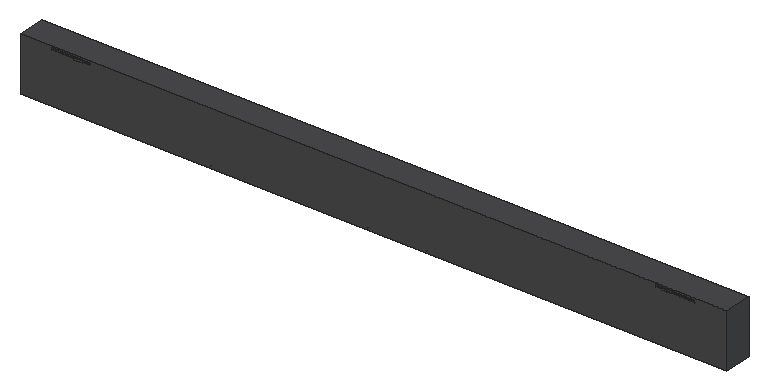
Revit family "DOT BLOCK CEILLING 946_DTSM40W9.1.15", category Luminarias, Revit 2019
Family settings
  Cota de conector redondo = Diámetro de uso
  Tipo de pieza = Normal
  Se basa en plano de trabajo = Sí
  Siempre vertical = Sí
  Corte con vacíos al cargar = No
  Origen de luz = Sí
  Compartido = No
  Punto de cálculo de habitación = No
Parameters (values of type "DOT BLOCK CEILLING 946_DTSM40W9.1.15")
  Ángulo de inclinación = 60.00°
  Zone [instance] = ""
  Watt per fixture = 40
  Wattage = 40 W
  built-in parameter 1150107 = 3000 (stored number, unit not read)
  built-in parameter 1150110 = 1 (stored number, unit not read)
  built-in parameter 1150109 = 1 (stored number, unit not read)
  built-in parameter 1150112 = 1 (stored number, unit not read)
  built-in parameter 1150113 = 1 (stored number, unit not read)
  built-in parameter 1114218 = 1 (stored number, unit not read)
  Keynote = ""
  built-in parameter 1150137 = (empty or 0)
  built-in parameter 1150132 = (empty or 0)
  Modelo = "DTSM40W9.1.15"
  Lámpara = "3030SMD PHILIPS"
  built-in parameter 1150105 = 257.83 (stored number, unit not read)
  built-in parameter 1150102 = (empty or 0)
  built-in parameter 1150106 = 2.5783 (stored number, unit not read)
  Lumens = 3240 lm
  Color Filter = 16777215
  built-in parameter 1114217 = 1 (stored number, unit not read)
  built-in parameter 1150139 = (empty or 0)
  Fabricante = "BRILLANT"
  Default Elevation = 1219.2 mm
  built-in parameter 1150104 = 7.5251 (stored number, unit not read)
  Descripción = "LUMINARIA DOWNLIGHT EN FORMATO RECTANGULAR PARA SOBREPONER DIRECTO EN TECHO, CUERPO DE ALUMINIO ACABADO EN COLOR NEGRO, IP 20, PESO 1.98Kg, TIPO DE LED 3030SMD PHILIPS CON 40W TOTAL, 3150 LUMENES, 81LM/W, IRC 90, TEMPERATURA EN BLANCO CALIDO 3000K, 50 MIL HORAS DE VIDA PROMEDIO, APERTURA DE 15 GRADOS POR PROYECTO, ALIMENTADO A 90-240V"
  built-in parameter 1150115 = 1 (stored number, unit not read)
  built-in parameter 1150114 = 1 (stored number, unit not read)
  Comentarios de vataje = "90-240V"
  built-in parameter 1150138 = (empty or 0)
  built-in parameter 1150134 = (empty or 0)
  Circuit [instance] = ""
  Dimming Lamp Color Temperature Shift = (empty or 0)
  Archivo de red fotométrica = "L964A-40W-830-B-15_IESNA95.IES"
  built-in parameter 1150133 = 10 (stored number, unit not read)
Reference planes
  plane 1 "Centro (Frontal/Posterior)": y = 0
  plane 2: z = 0
  plane 3 "Centro (Izquierda/Derecha)": x = 0
Forms (mm)
  Extrusion 1, solid, material "Default Form", not visible
    sketch origin (0, 0, 0) x (1, 0, 0) y (0, 0, 1)
      loop
        line (-473, 0) -> (-473, -72) -> (473, -72) -> (473, 0) -> (-473, 0)
    from -18.326 to 18.326
  Blend 2, void, not visible
    base sketch origin (-293.63, 0, 0) x (1, 0, 0) y (0, 1, 0)
      loop
        line (-162, 16.149) -> (-162, -16.149) -> (-144.14, -16.149) -> (-144.14, 16.149) -> (-162, 16.149)
    top sketch origin (-293.63, 0, 0) x (1, 0, 0) y (0, 1, 0)
      loop
        line (-160, 12.149) -> (-160, -12.149) -> (-146.14, -12.149) -> (-146.14, 12.149) -> (-160, 12.149)
    from -72 to -61.591
  Blend 3, void, not visible
    base sketch origin (-267.33, 0, 0) x (1, 0, 0) y (0, 1, 0)
      loop
        line (-162, 16.149) -> (-162, -16.149) -> (-144.14, -16.149) -> (-144.14, 16.149) -> (-162, 16.149)
    top sketch origin (-267.33, 0, 0) x (1, 0, 0) y (0, 1, 0)
      loop
        line (-160, 12.149) -> (-160, -12.149) -> (-146.14, -12.149) -> (-146.14, 12.149) -> (-160, 12.149)
    from -72 to -61.591
  Blend 4, void, not visible
    base sketch origin (-241.03, 0, 0) x (1, 0, 0) y (0, 1, 0)
      loop
        line (-162, 16.149) -> (-162, -16.149) -> (-144.14, -16.149) -> (-144.14, 16.149) -> (-162, 16.149)
    top sketch origin (-241.03, 0, 0) x (1, 0, 0) y (0, 1, 0)
      loop
        line (-160, 12.149) -> (-160, -12.149) -> (-146.14, -12.149) -> (-146.14, 12.149) -> (-160, 12.149)
    from -72 to -61.591
  Blend 5, void, not visible
    base sketch origin (-214.73, 0, 0) x (1, 0, 0) y (0, 1, 0)
      loop
        line (-162, 16.149) -> (-162, -16.149) -> (-144.14, -16.149) -> (-144.14, 16.149) -> (-162, 16.149)
    top sketch origin (-214.73, 0, 0) x (1, 0, 0) y (0, 1, 0)
      loop
        line (-160, 12.149) -> (-160, -12.149) -> (-146.14, -12.149) -> (-146.14, 12.149) -> (-160, 12.149)
    from -72 to -61.591
  Blend 6, void, not visible
    base sketch origin (-188.43, 0, 0) x (1, 0, 0) y (0, 1, 0)
      loop
        line (-162, 16.149) -> (-162, -16.149) -> (-144.14, -16.149) -> (-144.14, 16.149) -> (-162, 16.149)
    top sketch origin (-188.43, 0, 0) x (1, 0, 0) y (0, 1, 0)
      loop
        line (-160, 12.149) -> (-160, -12.149) -> (-146.14, -12.149) -> (-146.14, 12.149) -> (-160, 12.149)
    from -72 to -61.591
  Blend 7, void, not visible
    base sketch origin (-162.13, 0, 0) x (1, 0, 0) y (0, 1, 0)
      loop
        line (-162, 16.149) -> (-162, -16.149) -> (-144.14, -16.149) -> (-144.14, 16.149) -> (-162, 16.149)
    top sketch origin (-162.13, 0, 0) x (1, 0, 0) y (0, 1, 0)
      loop
        line (-160, 12.149) -> (-160, -12.149) -> (-146.14, -12.149) -> (-146.14, 12.149) -> (-160, 12.149)
    from -72 to -61.591
  Blend 8, void, not visible
    base sketch origin (-135.83, 0, 0) x (1, 0, 0) y (0, 1, 0)
      loop
        line (-162, 16.149) -> (-162, -16.149) -> (-144.14, -16.149) -> (-144.14, 16.149) -> (-162, 16.149)
    top sketch origin (-135.83, 0, 0) x (1, 0, 0) y (0, 1, 0)
      loop
        line (-160, 12.149) -> (-160, -12.149) -> (-146.14, -12.149) -> (-146.14, 12.149) -> (-160, 12.149)
    from -72 to -61.591
  Blend 9, void, not visible
    base sketch origin (-109.53, 0, 0) x (1, 0, 0) y (0, 1, 0)
      loop
        line (-162, 16.149) -> (-162, -16.149) -> (-144.14, -16.149) -> (-144.14, 16.149) -> (-162, 16.149)
    top sketch origin (-109.53, 0, 0) x (1, 0, 0) y (0, 1, 0)
      loop
        line (-160, 12.149) -> (-160, -12.149) -> (-146.14, -12.149) -> (-146.14, 12.149) -> (-160, 12.149)
    from -72 to -61.591
  Blend 10, void, not visible
    base sketch origin (-83.23, 0, 0) x (1, 0, 0) y (0, 1, 0)
      loop
        line (-162, 16.149) -> (-162, -16.149) -> (-144.14, -16.149) -> (-144.14, 16.149) -> (-162, 16.149)
    top sketch origin (-83.23, 0, 0) x (1, 0, 0) y (0, 1, 0)
      loop
        line (-160, 12.149) -> (-160, -12.149) -> (-146.14, -12.149) -> (-146.14, 12.149) -> (-160, 12.149)
    from -72 to -61.591
  Blend 11, void, not visible
    base sketch origin (-56.93, 0, 0) x (1, 0, 0) y (0, 1, 0)
      loop
        line (-162, 16.149) -> (-162, -16.149) -> (-144.14, -16.149) -> (-144.14, 16.149) -> (-162, 16.149)
    top sketch origin (-56.93, 0, 0) x (1, 0, 0) y (0, 1, 0)
      loop
        line (-160, 12.149) -> (-160, -12.149) -> (-146.14, -12.149) -> (-146.14, 12.149) -> (-160, 12.149)
    from -72 to -61.591
  Blend 12, void, not visible
    base sketch origin (-30.63, 0, 0) x (1, 0, 0) y (0, 1, 0)
      loop
        line (-162, 16.149) -> (-162, -16.149) -> (-144.14, -16.149) -> (-144.14, 16.149) -> (-162, 16.149)
    top sketch origin (-30.63, 0, 0) x (1, 0, 0) y (0, 1, 0)
      loop
        line (-160, 12.149) -> (-160, -12.149) -> (-146.14, -12.149) -> (-146.14, 12.149) -> (-160, 12.149)
    from -72 to -61.591
  Blend 13, void, not visible
    base sketch origin (-4.33, 0, 0) x (1, 0, 0) y (0, 1, 0)
      loop
        line (-162, 16.149) -> (-162, -16.149) -> (-144.14, -16.149) -> (-144.14, 16.149) -> (-162, 16.149)
    top sketch origin (-4.33, 0, 0) x (1, 0, 0) y (0, 1, 0)
      loop
        line (-160, 12.149) -> (-160, -12.149) -> (-146.14, -12.149) -> (-146.14, 12.149) -> (-160, 12.149)
    from -72 to -61.591
  Blend 14, void, not visible
    base sketch origin (21.97, 0, 0) x (1, 0, 0) y (0, 1, 0)
      loop
        line (-162, 16.149) -> (-162, -16.149) -> (-144.14, -16.149) -> (-144.14, 16.149) -> (-162, 16.149)
    top sketch origin (21.97, 0, 0) x (1, 0, 0) y (0, 1, 0)
      loop
        line (-160, 12.149) -> (-160, -12.149) -> (-146.14, -12.149) -> (-146.14, 12.149) -> (-160, 12.149)
    from -72 to -61.591
  Blend 15, void, not visible
    base sketch origin (48.27, 0, 0) x (1, 0, 0) y (0, 1, 0)
      loop
        line (-162, 16.149) -> (-162, -16.149) -> (-144.14, -16.149) -> (-144.14, 16.149) -> (-162, 16.149)
    top sketch origin (48.27, 0, 0) x (1, 0, 0) y (0, 1, 0)
      loop
        line (-160, 12.149) -> (-160, -12.149) -> (-146.14, -12.149) -> (-146.14, 12.149) -> (-160, 12.149)
    from -72 to -61.591
  Blend 16, void, not visible
    base sketch origin (74.57, 0, 0) x (1, 0, 0) y (0, 1, 0)
      loop
        line (-162, 16.149) -> (-162, -16.149) -> (-144.14, -16.149) -> (-144.14, 16.149) -> (-162, 16.149)
    top sketch origin (74.57, 0, 0) x (1, 0, 0) y (0, 1, 0)
      loop
        line (-160, 12.149) -> (-160, -12.149) -> (-146.14, -12.149) -> (-146.14, 12.149) -> (-160, 12.149)
    from -72 to -61.591
  Blend 17, void, not visible
    base sketch origin (100.87, 0, 0) x (1, 0, 0) y (0, 1, 0)
      loop
        line (-162, 16.149) -> (-162, -16.149) -> (-144.14, -16.149) -> (-144.14, 16.149) -> (-162, 16.149)
    top sketch origin (100.87, 0, 0) x (1, 0, 0) y (0, 1, 0)
      loop
        line (-160, 12.149) -> (-160, -12.149) -> (-146.14, -12.149) -> (-146.14, 12.149) -> (-160, 12.149)
    from -72 to -61.591
  Blend 18, void, not visible
    base sketch origin (127.17, 0, 0) x (1, 0, 0) y (0, 1, 0)
      loop
        line (-162, 16.149) -> (-162, -16.149) -> (-144.14, -16.149) -> (-144.14, 16.149) -> (-162, 16.149)
    top sketch origin (127.17, 0, 0) x (1, 0, 0) y (0, 1, 0)
      loop
        line (-160, 12.149) -> (-160, -12.149) -> (-146.14, -12.149) -> (-146.14, 12.149) -> (-160, 12.149)
    from -72 to -61.591
  Blend 19, void, not visible
    base sketch origin (153.47, 0, 0) x (1, 0, 0) y (0, 1, 0)
      loop
        line (-162, 16.149) -> (-162, -16.149) -> (-144.14, -16.149) -> (-144.14, 16.149) -> (-162, 16.149)
    top sketch origin (153.47, 0, 0) x (1, 0, 0) y (0, 1, 0)
      loop
        line (-160, 12.149) -> (-160, -12.149) -> (-146.14, -12.149) -> (-146.14, 12.149) -> (-160, 12.149)
    from -72 to -61.591
  Blend 20, void, not visible
    base sketch origin (179.77, 0, 0) x (1, 0, 0) y (0, 1, 0)
      loop
        line (-162, 16.149) -> (-162, -16.149) -> (-144.14, -16.149) -> (-144.14, 16.149) -> (-162, 16.149)
    top sketch origin (179.77, 0, 0) x (1, 0, 0) y (0, 1, 0)
      loop
        line (-160, 12.149) -> (-160, -12.149) -> (-146.14, -12.149) -> (-146.14, 12.149) -> (-160, 12.149)
    from -72 to -61.591
  Blend 21, void, not visible
    base sketch origin (206.07, 0, 0) x (1, 0, 0) y (0, 1, 0)
      loop
        line (-162, 16.149) -> (-162, -16.149) -> (-144.14, -16.149) -> (-144.14, 16.149) -> (-162, 16.149)
    top sketch origin (206.07, 0, 0) x (1, 0, 0) y (0, 1, 0)
      loop
        line (-160, 12.149) -> (-160, -12.149) -> (-146.14, -12.149) -> (-146.14, 12.149) -> (-160, 12.149)
    from -72 to -61.591
  Blend 22, void, not visible
    base sketch origin (232.37, 0, 0) x (1, 0, 0) y (0, 1, 0)
      loop
        line (-162, 16.149) -> (-162, -16.149) -> (-144.14, -16.149) -> (-144.14, 16.149) -> (-162, 16.149)
    top sketch origin (232.37, 0, 0) x (1, 0, 0) y (0, 1, 0)
      loop
        line (-160, 12.149) -> (-160, -12.149) -> (-146.14, -12.149) -> (-146.14, 12.149) -> (-160, 12.149)
    from -72 to -61.591
  Blend 23, void, not visible
    base sketch origin (258.67, 0, 0) x (1, 0, 0) y (0, 1, 0)
      loop
        line (-162, 16.149) -> (-162, -16.149) -> (-144.14, -16.149) -> (-144.14, 16.149) -> (-162, 16.149)
    top sketch origin (258.67, 0, 0) x (1, 0, 0) y (0, 1, 0)
      loop
        line (-160, 12.149) -> (-160, -12.149) -> (-146.14, -12.149) -> (-146.14, 12.149) -> (-160, 12.149)
    from -72 to -61.591
  Blend 24, void, not visible
    base sketch origin (284.97, 0, 0) x (1, 0, 0) y (0, 1, 0)
      loop
        line (-162, 16.149) -> (-162, -16.149) -> (-144.14, -16.149) -> (-144.14, 16.149) -> (-162, 16.149)
    top sketch origin (284.97, 0, 0) x (1, 0, 0) y (0, 1, 0)
      loop
        line (-160, 12.149) -> (-160, -12.149) -> (-146.14, -12.149) -> (-146.14, 12.149) -> (-160, 12.149)
    from -72 to -61.591
  Blend 25, void, not visible
    base sketch origin (311.27, 0, 0) x (1, 0, 0) y (0, 1, 0)
      loop
        line (-162, 16.149) -> (-162, -16.149) -> (-144.14, -16.149) -> (-144.14, 16.149) -> (-162, 16.149)
    top sketch origin (311.27, 0, 0) x (1, 0, 0) y (0, 1, 0)
      loop
        line (-160, 12.149) -> (-160, -12.149) -> (-146.14, -12.149) -> (-146.14, 12.149) -> (-160, 12.149)
    from -72 to -61.591
  Blend 26, void, not visible
    base sketch origin (337.57, 0, 0) x (1, 0, 0) y (0, 1, 0)
      loop
        line (-162, 16.149) -> (-162, -16.149) -> (-144.14, -16.149) -> (-144.14, 16.149) -> (-162, 16.149)
    top sketch origin (337.57, 0, 0) x (1, 0, 0) y (0, 1, 0)
      loop
        line (-160, 12.149) -> (-160, -12.149) -> (-146.14, -12.149) -> (-146.14, 12.149) -> (-160, 12.149)
    from -72 to -61.591
  Blend 27, void, not visible
    base sketch origin (363.87, 0, 0) x (1, 0, 0) y (0, 1, 0)
      loop
        line (-162, 16.149) -> (-162, -16.149) -> (-144.14, -16.149) -> (-144.14, 16.149) -> (-162, 16.149)
    top sketch origin (363.87, 0, 0) x (1, 0, 0) y (0, 1, 0)
      loop
        line (-160, 12.149) -> (-160, -12.149) -> (-146.14, -12.149) -> (-146.14, 12.149) -> (-160, 12.149)
    from -72 to -61.591
  Blend 28, void, not visible
    base sketch origin (390.17, 0, 0) x (1, 0, 0) y (0, 1, 0)
      loop
        line (-162, 16.149) -> (-162, -16.149) -> (-144.14, -16.149) -> (-144.14, 16.149) -> (-162, 16.149)
    top sketch origin (390.17, 0, 0) x (1, 0, 0) y (0, 1, 0)
      loop
        line (-160, 12.149) -> (-160, -12.149) -> (-146.14, -12.149) -> (-146.14, 12.149) -> (-160, 12.149)
    from -72 to -61.591
  Blend 29, void, not visible
    base sketch origin (416.47, 0, 0) x (1, 0, 0) y (0, 1, 0)
      loop
        line (-162, 16.149) -> (-162, -16.149) -> (-144.14, -16.149) -> (-144.14, 16.149) -> (-162, 16.149)
    top sketch origin (416.47, 0, 0) x (1, 0, 0) y (0, 1, 0)
      loop
        line (-160, 12.149) -> (-160, -12.149) -> (-146.14, -12.149) -> (-146.14, 12.149) -> (-160, 12.149)
    from -72 to -61.591
  Blend 30, void, not visible
    base sketch origin (442.77, 0, 0) x (1, 0, 0) y (0, 1, 0)
      loop
        line (-162, 16.149) -> (-162, -16.149) -> (-144.14, -16.149) -> (-144.14, 16.149) -> (-162, 16.149)
    top sketch origin (442.77, 0, 0) x (1, 0, 0) y (0, 1, 0)
      loop
        line (-160, 12.149) -> (-160, -12.149) -> (-146.14, -12.149) -> (-146.14, 12.149) -> (-160, 12.149)
    from -72 to -61.591
  Blend 31, void, not visible
    base sketch origin (469.07, 0, 0) x (1, 0, 0) y (0, 1, 0)
      loop
        line (-162, 16.149) -> (-162, -16.149) -> (-144.14, -16.149) -> (-144.14, 16.149) -> (-162, 16.149)
    top sketch origin (469.07, 0, 0) x (1, 0, 0) y (0, 1, 0)
      loop
        line (-160, 12.149) -> (-160, -12.149) -> (-146.14, -12.149) -> (-146.14, 12.149) -> (-160, 12.149)
    from -72 to -61.591
  Blend 32, void, not visible
    base sketch origin (495.37, 0, 0) x (1, 0, 0) y (0, 1, 0)
      loop
        line (-162, 16.149) -> (-162, -16.149) -> (-144.14, -16.149) -> (-144.14, 16.149) -> (-162, 16.149)
    top sketch origin (495.37, 0, 0) x (1, 0, 0) y (0, 1, 0)
      loop
        line (-160, 12.149) -> (-160, -12.149) -> (-146.14, -12.149) -> (-146.14, 12.149) -> (-160, 12.149)
    from -72 to -61.591
  Blend 33, void, not visible
    base sketch origin (521.67, 0, 0) x (1, 0, 0) y (0, 1, 0)
      loop
        line (-162, 16.149) -> (-162, -16.149) -> (-144.14, -16.149) -> (-144.14, 16.149) -> (-162, 16.149)
    top sketch origin (521.67, 0, 0) x (1, 0, 0) y (0, 1, 0)
      loop
        line (-160, 12.149) -> (-160, -12.149) -> (-146.14, -12.149) -> (-146.14, 12.149) -> (-160, 12.149)
    from -72 to -61.591
  Blend 34, void, not visible
    base sketch origin (547.97, 0, 0) x (1, 0, 0) y (0, 1, 0)
      loop
        line (-162, 16.149) -> (-162, -16.149) -> (-144.14, -16.149) -> (-144.14, 16.149) -> (-162, 16.149)
    top sketch origin (547.97, 0, 0) x (1, 0, 0) y (0, 1, 0)
      loop
        line (-160, 12.149) -> (-160, -12.149) -> (-146.14, -12.149) -> (-146.14, 12.149) -> (-160, 12.149)
    from -72 to -61.591
  Blend 35, void, not visible
    base sketch origin (574.27, 0, 0) x (1, 0, 0) y (0, 1, 0)
      loop
        line (-162, 16.149) -> (-162, -16.149) -> (-144.14, -16.149) -> (-144.14, 16.149) -> (-162, 16.149)
    top sketch origin (574.27, 0, 0) x (1, 0, 0) y (0, 1, 0)
      loop
        line (-160, 12.149) -> (-160, -12.149) -> (-146.14, -12.149) -> (-146.14, 12.149) -> (-160, 12.149)
    from -72 to -61.591
  Blend 36, void, not visible
    base sketch origin (600.57, 0, 0) x (1, 0, 0) y (0, 1, 0)
      loop
        line (-162, 16.149) -> (-162, -16.149) -> (-144.14, -16.149) -> (-144.14, 16.149) -> (-162, 16.149)
    top sketch origin (600.57, 0, 0) x (1, 0, 0) y (0, 1, 0)
      loop
        line (-160, 12.149) -> (-160, -12.149) -> (-146.14, -12.149) -> (-146.14, 12.149) -> (-160, 12.149)
    from -72 to -61.591
  Extrusion 37, solid, not visible
    sketch origin (-463.861, 0, 3.217) x (0, -1, 0) y (0, 0, -1)
      loop
        line (18.326, 3.217) -> (-18.326, 3.217) -> (-18.326, 73.917) -> (-32.183, 73.917) -> (-32.183, 72.617) -> (-19.626, 72.617) -> (-19.626, 1.917) -> (19.626, 1.917) -> (19.626, 72.617) -> (32.183, 72.617) -> (32.183, 73.917) -> (18.326, 73.917) -> (18.326, 3.217)
    from 89.098 to 128.24
  Extrusion 38, solid, not visible
    sketch origin (-246.523, 0, 3.217) x (0, -1, 0) y (0, 0, 1)
      loop
        line (-19.626, -1.917) -> (19.626, -1.917) -> (19.626, -63.89) -> (20.426, -63.89) -> (20.426, -1.117) -> (-20.426, -1.117) -> (-20.426, -63.89) -> (-19.626, -63.89) -> (-19.626, -1.917)
    from 122.954 to 124.098
  Extrusion 39, solid, not visible
    sketch origin (-463.861, 0, 3.217) x (0, -1, 0) y (0, 0, -1)
      loop
        line (-19.626, 1.917) -> (-19.626, 63.89) -> (-20.426, 63.89) -> (-20.426, 1.117) -> (20.426, 1.117) -> (20.426, 63.89) -> (19.626, 63.89) -> (19.626, 1.917) -> (-19.626, 1.917)
    from 122.954 to 124.098
  Extrusion 40, void, not visible
    sketch origin (0, 0, 0) x (1, 0, 0) y (0, 1, 0)
      loop
        circle (-363.799, -25.904) r 2.055
      loop
        circle (-346.585, -25.904) r 2.055
      loop
        circle (-363.799, 25.904) r 2.055
      loop
        circle (-346.585, 25.904) r 2.055
    from -70.7 to -69.4
  Blend 41, void
    base sketch origin (74.57, 130.851, 72) x (1, 0, 0) y (0, 1, 0)
      loop
        line (-162, -147) -> (-144.14, -147) -> (-144.14, -114.702) -> (-162, -114.702) -> (-162, -147)
    top sketch origin (74.57, 130.851, 72) x (1, 0, 0) y (0, 1, 0)
      loop
        line (-160, -143) -> (-146.14, -143) -> (-146.14, -118.702) -> (-160, -118.702) -> (-160, -143)
    from -72 to -61.591
  Blend 42, void
    base sketch origin (100.87, 130.851, 72) x (1, 0, 0) y (0, 1, 0)
      loop
        line (-162, -147) -> (-144.14, -147) -> (-144.14, -114.702) -> (-162, -114.702) -> (-162, -147)
    top sketch origin (100.87, 130.851, 72) x (1, 0, 0) y (0, 1, 0)
      loop
        line (-160, -143) -> (-146.14, -143) -> (-146.14, -118.702) -> (-160, -118.702) -> (-160, -143)
    from -72 to -61.591
  Blend 43, void
    base sketch origin (127.17, 130.851, 72) x (1, 0, 0) y (0, 1, 0)
      loop
        line (-162, -147) -> (-144.14, -147) -> (-144.14, -114.702) -> (-162, -114.702) -> (-162, -147)
    top sketch origin (127.17, 130.851, 72) x (1, 0, 0) y (0, 1, 0)
      loop
        line (-160, -143) -> (-146.14, -143) -> (-146.14, -118.702) -> (-160, -118.702) -> (-160, -143)
    from -72 to -61.591
  Blend 44, void
    base sketch origin (153.47, 130.851, 72) x (1, 0, 0) y (0, 1, 0)
      loop
        line (-162, -147) -> (-144.14, -147) -> (-144.14, -114.702) -> (-162, -114.702) -> (-162, -147)
    top sketch origin (153.47, 130.851, 72) x (1, 0, 0) y (0, 1, 0)
      loop
        line (-160, -143) -> (-146.14, -143) -> (-146.14, -118.702) -> (-160, -118.702) -> (-160, -143)
    from -72 to -61.591
  Blend 45, void
    base sketch origin (179.77, 130.851, 72) x (1, 0, 0) y (0, 1, 0)
      loop
        line (-162, -147) -> (-144.14, -147) -> (-144.14, -114.702) -> (-162, -114.702) -> (-162, -147)
    top sketch origin (179.77, 130.851, 72) x (1, 0, 0) y (0, 1, 0)
      loop
        line (-160, -143) -> (-146.14, -143) -> (-146.14, -118.702) -> (-160, -118.702) -> (-160, -143)
    from -72 to -61.591
  Blend 46, void
    base sketch origin (206.07, 130.851, 72) x (1, 0, 0) y (0, 1, 0)
      loop
        line (-162, -147) -> (-144.14, -147) -> (-144.14, -114.702) -> (-162, -114.702) -> (-162, -147)
    top sketch origin (206.07, 130.851, 72) x (1, 0, 0) y (0, 1, 0)
      loop
        line (-160, -143) -> (-146.14, -143) -> (-146.14, -118.702) -> (-160, -118.702) -> (-160, -143)
    from -72 to -61.591
  Blend 47, void
    base sketch origin (232.37, 130.851, 72) x (1, 0, 0) y (0, 1, 0)
      loop
        line (-162, -147) -> (-144.14, -147) -> (-144.14, -114.702) -> (-162, -114.702) -> (-162, -147)
    top sketch origin (232.37, 130.851, 72) x (1, 0, 0) y (0, 1, 0)
      loop
        line (-160, -143) -> (-146.14, -143) -> (-146.14, -118.702) -> (-160, -118.702) -> (-160, -143)
    from -72 to -61.591
  Extrusion 48, solid, material "Default Form"
    sketch origin (0, 0, 72) x (1, 0, 0) y (0, 0, -1)
      loop
        line (-473, 0) -> (473, 0) -> (473, 72) -> (-473, 72) -> (-473, 0)
    from -18.326 to 18.326
  Blend 49, void
    base sketch origin (258.67, 130.851, 72) x (1, 0, 0) y (0, 1, 0)
      loop
        line (-162, -147) -> (-144.14, -147) -> (-144.14, -114.702) -> (-162, -114.702) -> (-162, -147)
    top sketch origin (258.67, 130.851, 72) x (1, 0, 0) y (0, 1, 0)
      loop
        line (-160, -143) -> (-146.14, -143) -> (-146.14, -118.702) -> (-160, -118.702) -> (-160, -143)
    from -72 to -61.591
  Blend 50, void
    base sketch origin (284.97, 130.851, 72) x (1, 0, 0) y (0, 1, 0)
      loop
        line (-162, -147) -> (-144.14, -147) -> (-144.14, -114.702) -> (-162, -114.702) -> (-162, -147)
    top sketch origin (284.97, 130.851, 72) x (1, 0, 0) y (0, 1, 0)
      loop
        line (-160, -143) -> (-146.14, -143) -> (-146.14, -118.702) -> (-160, -118.702) -> (-160, -143)
    from -72 to -61.591
  Blend 51, void
    base sketch origin (21.97, 130.851, 72) x (1, 0, 0) y (0, 1, 0)
      loop
        line (-162, -147) -> (-144.14, -147) -> (-144.14, -114.702) -> (-162, -114.702) -> (-162, -147)
    top sketch origin (21.97, 130.851, 72) x (1, 0, 0) y (0, 1, 0)
      loop
        line (-160, -143) -> (-146.14, -143) -> (-146.14, -118.702) -> (-160, -118.702) -> (-160, -143)
    from -72 to -61.591
  Blend 52, void
    base sketch origin (48.27, 130.851, 72) x (1, 0, 0) y (0, 1, 0)
      loop
        line (-162, -147) -> (-144.14, -147) -> (-144.14, -114.702) -> (-162, -114.702) -> (-162, -147)
    top sketch origin (48.27, 130.851, 72) x (1, 0, 0) y (0, 1, 0)
      loop
        line (-160, -143) -> (-146.14, -143) -> (-146.14, -118.702) -> (-160, -118.702) -> (-160, -143)
    from -72 to -61.591
  Extrusion 53, void
    sketch origin (-308.75, 0, 0) x (1, 0, 0) y (0, 1, 0)
      loop
        line (-122.17, -18.326) -> (-69.57, -18.326) -> (-69.57, -16.149) -> (-122.17, -16.149) -> (-122.17, -18.326)
      loop
        line (-122.17, 18.326) -> (-122.17, 16.149) -> (-69.57, 16.149) -> (-69.57, 18.326) -> (-122.17, 18.326)
    from 66.852 to 70.535
  Extrusion 54, solid, material "Default Form"
    sketch origin (-25, 0, 0) x (1, 0, 0) y (0, 1, 0)
      loop
        line (-362.305, -16.149) -> (-363.639, -16.149) -> (-363.639, -18.326) -> (-374.139, -18.326) -> (-374.139, -20.238) -> (-362.305, -20.238) -> (-362.305, -16.149)
      loop
        line (-362.305, 16.149) -> (-362.305, 20.238) -> (-374.139, 20.238) -> (-374.139, 18.326) -> (-363.639, 18.326) -> (-363.639, 16.149) -> (-362.305, 16.149)
      loop
        line (412.305, -16.149) -> (412.305, -20.238) -> (424.139, -20.238) -> (424.139, -18.326) -> (413.639, -18.326) -> (413.639, -16.149) -> (412.305, -16.149)
      loop
        line (412.305, 16.149) -> (413.639, 16.149) -> (413.639, 18.326) -> (424.139, 18.326) -> (424.139, 20.238) -> (412.305, 20.238) -> (412.305, 16.149)
    from 67.466 to 69.773
  Extrusion 55, void
    sketch origin (308.75, 0, 0) x (-1, 0, 0) y (0, -1, 0)
      loop
        line (-122.17, 18.326) -> (-122.17, 16.149) -> (-69.57, 16.149) -> (-69.57, 18.326) -> (-122.17, 18.326)
      loop
        line (-122.17, -18.326) -> (-69.57, -18.326) -> (-69.57, -16.149) -> (-122.17, -16.149) -> (-122.17, -18.326)
    from 66.852 to 70.535
  Blend 56, void
    base sketch origin (-56.93, 130.851, 72) x (1, 0, 0) y (0, 1, 0)
      loop
        line (-162, -147) -> (-144.14, -147) -> (-144.14, -114.702) -> (-162, -114.702) -> (-162, -147)
    top sketch origin (-56.93, 130.851, 72) x (1, 0, 0) y (0, 1, 0)
      loop
        line (-160, -143) -> (-146.14, -143) -> (-146.14, -118.702) -> (-160, -118.702) -> (-160, -143)
    from -72 to -61.591
  Blend 57, void
    base sketch origin (-30.63, 130.851, 72) x (1, 0, 0) y (0, 1, 0)
      loop
        line (-162, -147) -> (-144.14, -147) -> (-144.14, -114.702) -> (-162, -114.702) -> (-162, -147)
    top sketch origin (-30.63, 130.851, 72) x (1, 0, 0) y (0, 1, 0)
      loop
        line (-160, -143) -> (-146.14, -143) -> (-146.14, -118.702) -> (-160, -118.702) -> (-160, -143)
    from -72 to -61.591
  Blend 58, void
    base sketch origin (-4.33, 130.851, 72) x (1, 0, 0) y (0, 1, 0)
      loop
        line (-162, -147) -> (-144.14, -147) -> (-144.14, -114.702) -> (-162, -114.702) -> (-162, -147)
    top sketch origin (-4.33, 130.851, 72) x (1, 0, 0) y (0, 1, 0)
      loop
        line (-160, -143) -> (-146.14, -143) -> (-146.14, -118.702) -> (-160, -118.702) -> (-160, -143)
    from -72 to -61.591
  Blend 59, void
    base sketch origin (-109.53, 130.851, 72) x (1, 0, 0) y (0, 1, 0)
      loop
        line (-162, -147) -> (-144.14, -147) -> (-144.14, -114.702) -> (-162, -114.702) -> (-162, -147)
    top sketch origin (-109.53, 130.851, 72) x (1, 0, 0) y (0, 1, 0)
      loop
        line (-160, -143) -> (-146.14, -143) -> (-146.14, -118.702) -> (-160, -118.702) -> (-160, -143)
    from -72 to -61.591
  Blend 60, void
    base sketch origin (-83.23, 130.851, 72) x (1, 0, 0) y (0, 1, 0)
      loop
        line (-162, -147) -> (-144.14, -147) -> (-144.14, -114.702) -> (-162, -114.702) -> (-162, -147)
    top sketch origin (-83.23, 130.851, 72) x (1, 0, 0) y (0, 1, 0)
      loop
        line (-160, -143) -> (-146.14, -143) -> (-146.14, -118.702) -> (-160, -118.702) -> (-160, -143)
    from -72 to -61.591
  Blend 61, void
    base sketch origin (-135.83, 130.851, 72) x (1, 0, 0) y (0, 1, 0)
      loop
        line (-162, -147) -> (-144.14, -147) -> (-144.14, -114.702) -> (-162, -114.702) -> (-162, -147)
    top sketch origin (-135.83, 130.851, 72) x (1, 0, 0) y (0, 1, 0)
      loop
        line (-160, -143) -> (-146.14, -143) -> (-146.14, -118.702) -> (-160, -118.702) -> (-160, -143)
    from -72 to -61.591
  Blend 62, void
    base sketch origin (-188.43, 130.851, 72) x (1, 0, 0) y (0, 1, 0)
      loop
        line (-162, -147) -> (-144.14, -147) -> (-144.14, -114.702) -> (-162, -114.702) -> (-162, -147)
    top sketch origin (-188.43, 130.851, 72) x (1, 0, 0) y (0, 1, 0)
      loop
        line (-160, -143) -> (-146.14, -143) -> (-146.14, -118.702) -> (-160, -118.702) -> (-160, -143)
    from -72 to -61.591
  Blend 63, void
    base sketch origin (-162.13, 130.851, 72) x (1, 0, 0) y (0, 1, 0)
      loop
        line (-162, -147) -> (-144.14, -147) -> (-144.14, -114.702) -> (-162, -114.702) -> (-162, -147)
    top sketch origin (-162.13, 130.851, 72) x (1, 0, 0) y (0, 1, 0)
      loop
        line (-160, -143) -> (-146.14, -143) -> (-146.14, -118.702) -> (-160, -118.702) -> (-160, -143)
    from -72 to -61.591
  Blend 64, void
    base sketch origin (311.27, 130.851, 72) x (1, 0, 0) y (0, 1, 0)
      loop
        line (-162, -147) -> (-144.14, -147) -> (-144.14, -114.702) -> (-162, -114.702) -> (-162, -147)
    top sketch origin (311.27, 130.851, 72) x (1, 0, 0) y (0, 1, 0)
      loop
        line (-160, -143) -> (-146.14, -143) -> (-146.14, -118.702) -> (-160, -118.702) -> (-160, -143)
    from -72 to -61.591
  Blend 65, void
    base sketch origin (337.57, 130.851, 72) x (1, 0, 0) y (0, 1, 0)
      loop
        line (-162, -147) -> (-144.14, -147) -> (-144.14, -114.702) -> (-162, -114.702) -> (-162, -147)
    top sketch origin (337.57, 130.851, 72) x (1, 0, 0) y (0, 1, 0)
      loop
        line (-160, -143) -> (-146.14, -143) -> (-146.14, -118.702) -> (-160, -118.702) -> (-160, -143)
    from -72 to -61.591
  Blend 66, void
    base sketch origin (363.87, 130.851, 72) x (1, 0, 0) y (0, 1, 0)
      loop
        line (-162, -147) -> (-144.14, -147) -> (-144.14, -114.702) -> (-162, -114.702) -> (-162, -147)
    top sketch origin (363.87, 130.851, 72) x (1, 0, 0) y (0, 1, 0)
      loop
        line (-160, -143) -> (-146.14, -143) -> (-146.14, -118.702) -> (-160, -118.702) -> (-160, -143)
    from -72 to -61.591
  Blend 67, void
    base sketch origin (390.17, 130.851, 72) x (1, 0, 0) y (0, 1, 0)
      loop
        line (-162, -147) -> (-144.14, -147) -> (-144.14, -114.702) -> (-162, -114.702) -> (-162, -147)
    top sketch origin (390.17, 130.851, 72) x (1, 0, 0) y (0, 1, 0)
      loop
        line (-160, -143) -> (-146.14, -143) -> (-146.14, -118.702) -> (-160, -118.702) -> (-160, -143)
    from -72 to -61.591
  Blend 68, void
    base sketch origin (416.47, 130.851, 72) x (1, 0, 0) y (0, 1, 0)
      loop
        line (-162, -147) -> (-144.14, -147) -> (-144.14, -114.702) -> (-162, -114.702) -> (-162, -147)
    top sketch origin (416.47, 130.851, 72) x (1, 0, 0) y (0, 1, 0)
      loop
        line (-160, -143) -> (-146.14, -143) -> (-146.14, -118.702) -> (-160, -118.702) -> (-160, -143)
    from -72 to -61.591
  Blend 69, void
    base sketch origin (442.77, 130.851, 72) x (1, 0, 0) y (0, 1, 0)
      loop
        line (-162, -147) -> (-144.14, -147) -> (-144.14, -114.702) -> (-162, -114.702) -> (-162, -147)
    top sketch origin (442.77, 130.851, 72) x (1, 0, 0) y (0, 1, 0)
      loop
        line (-160, -143) -> (-146.14, -143) -> (-146.14, -118.702) -> (-160, -118.702) -> (-160, -143)
    from -72 to -61.591
  Blend 70, void
    base sketch origin (469.07, 130.851, 72) x (1, 0, 0) y (0, 1, 0)
      loop
        line (-162, -147) -> (-144.14, -147) -> (-144.14, -114.702) -> (-162, -114.702) -> (-162, -147)
    top sketch origin (469.07, 130.851, 72) x (1, 0, 0) y (0, 1, 0)
      loop
        line (-160, -143) -> (-146.14, -143) -> (-146.14, -118.702) -> (-160, -118.702) -> (-160, -143)
    from -72 to -61.591
  Blend 71, void
    base sketch origin (495.37, 130.851, 72) x (1, 0, 0) y (0, 1, 0)
      loop
        line (-162, -147) -> (-144.14, -147) -> (-144.14, -114.702) -> (-162, -114.702) -> (-162, -147)
    top sketch origin (495.37, 130.851, 72) x (1, 0, 0) y (0, 1, 0)
      loop
        line (-160, -143) -> (-146.14, -143) -> (-146.14, -118.702) -> (-160, -118.702) -> (-160, -143)
    from -72 to -61.591
  Blend 72, void
    base sketch origin (-214.73, 130.851, 72) x (1, 0, 0) y (0, 1, 0)
      loop
        line (-162, -147) -> (-144.14, -147) -> (-144.14, -114.702) -> (-162, -114.702) -> (-162, -147)
    top sketch origin (-214.73, 130.851, 72) x (1, 0, 0) y (0, 1, 0)
      loop
        line (-160, -143) -> (-146.14, -143) -> (-146.14, -118.702) -> (-160, -118.702) -> (-160, -143)
    from -72 to -61.591
  Blend 73, void
    base sketch origin (-267.33, 130.851, 72) x (1, 0, 0) y (0, 1, 0)
      loop
        line (-162, -147) -> (-144.14, -147) -> (-144.14, -114.702) -> (-162, -114.702) -> (-162, -147)
    top sketch origin (-267.33, 130.851, 72) x (1, 0, 0) y (0, 1, 0)
      loop
        line (-160, -143) -> (-146.14, -143) -> (-146.14, -118.702) -> (-160, -118.702) -> (-160, -143)
    from -72 to -61.591
  Blend 74, void
    base sketch origin (-241.03, 130.851, 72) x (1, 0, 0) y (0, 1, 0)
      loop
        line (-162, -147) -> (-144.14, -147) -> (-144.14, -114.702) -> (-162, -114.702) -> (-162, -147)
    top sketch origin (-241.03, 130.851, 72) x (1, 0, 0) y (0, 1, 0)
      loop
        line (-160, -143) -> (-146.14, -143) -> (-146.14, -118.702) -> (-160, -118.702) -> (-160, -143)
    from -72 to -61.591
  Blend 75, void
    base sketch origin (-293.63, 130.851, 72) x (1, 0, 0) y (0, 1, 0)
      loop
        line (-162, -147) -> (-144.14, -147) -> (-144.14, -114.702) -> (-162, -114.702) -> (-162, -147)
    top sketch origin (-293.63, 130.851, 72) x (1, 0, 0) y (0, 1, 0)
      loop
        line (-160, -143) -> (-146.14, -143) -> (-146.14, -118.702) -> (-160, -118.702) -> (-160, -143)
    from -72 to -61.591
  Blend 76, void
    base sketch origin (521.67, 130.851, 72) x (1, 0, 0) y (0, 1, 0)
      loop
        line (-162, -147) -> (-144.14, -147) -> (-144.14, -114.702) -> (-162, -114.702) -> (-162, -147)
    top sketch origin (521.67, 130.851, 72) x (1, 0, 0) y (0, 1, 0)
      loop
        line (-160, -143) -> (-146.14, -143) -> (-146.14, -118.702) -> (-160, -118.702) -> (-160, -143)
    from -72 to -61.591
  Blend 77, void
    base sketch origin (547.97, 130.851, 72) x (1, 0, 0) y (0, 1, 0)
      loop
        line (-162, -147) -> (-144.14, -147) -> (-144.14, -114.702) -> (-162, -114.702) -> (-162, -147)
    top sketch origin (547.97, 130.851, 72) x (1, 0, 0) y (0, 1, 0)
      loop
        line (-160, -143) -> (-146.14, -143) -> (-146.14, -118.702) -> (-160, -118.702) -> (-160, -143)
    from -72 to -61.591
  Blend 78, void
    base sketch origin (574.27, 130.851, 72) x (1, 0, 0) y (0, 1, 0)
      loop
        line (-162, -147) -> (-144.14, -147) -> (-144.14, -114.702) -> (-162, -114.702) -> (-162, -147)
    top sketch origin (574.27, 130.851, 72) x (1, 0, 0) y (0, 1, 0)
      loop
        line (-160, -143) -> (-146.14, -143) -> (-146.14, -118.702) -> (-160, -118.702) -> (-160, -143)
    from -72 to -61.591
  Blend 79, void
    base sketch origin (600.57, 130.851, 72) x (1, 0, 0) y (0, 1, 0)
      loop
        line (-162, -147) -> (-144.14, -147) -> (-144.14, -114.702) -> (-162, -114.702) -> (-162, -147)
    top sketch origin (600.57, 130.851, 72) x (1, 0, 0) y (0, 1, 0)
      loop
        line (-160, -143) -> (-146.14, -143) -> (-146.14, -118.702) -> (-160, -118.702) -> (-160, -143)
    from -72 to -61.591
Cuts and joins
  Blend 41, Blend 42, Blend 43, Blend 44, Blend 45, Blend 46, Blend 47, Blend 49, Blend 50, Blend 51, Blend 52, Extrusion 53, Extrusion 55, Blend 56, Blend 57, Blend 58, Blend 59, Blend 60, Blend 61, Blend 62, Blend 63, Blend 64, Blend 65, Blend 66, Blend 67, Blend 68, Blend 69, Blend 70, Blend 71, Blend 72, Blend 73, Blend 74, Blend 75, Blend 76, Blend 77, Blend 78, Blend 79 cuts Extrusion 48
  Extrusion 55 cuts Extrusion 54
Dimensions and locks
  cut or joined group 1 (Blend 41, Blend 42, Blend 43, Blend 44, Blend 45, Blend 46, Blend 47, Extrusion 48, Blend 49, Blend 50, Blend 51, Blend 52, Extrusion 53, Extrusion 55, Blend 56, Blend 57, Blend 58, Blend 59, Blend 60, Blend 61, Blend 62, Blend 63, Blend 64, Blend 65, Blend 66, Blend 67, Blend 68, Blend 69, Blend 70, Blend 71, Blend 72, Blend 73, Blend 74, Blend 75, Blend 76, Blend 77, Blend 78, Blend 79) to cut or joined group 1 = 72 mm  (x2)
  cut or joined group 1 to cut or joined group 1 = 36.651 mm
  cut or joined group 1 to cut or joined group 1 = 946 mm
  cut or joined group 1 to cut or joined group 1 = 42.08 mm  (x2)
  aligned and locked: level to plane 2
Connectors
  electrical at (0, 0, 72)
    settings: on cut or joined group 1, index 1, voltage 0 V, apparent load 0 VA, apparent load phase1 0 VA, apparent load phase2 0 VA, apparent load phase3 0 VA, power factor 1, load classification "Otro", number of poles 1, system type 31, power factor state 1, is connector primary yes, connector utility no, sub classification motor no, connector description ""
